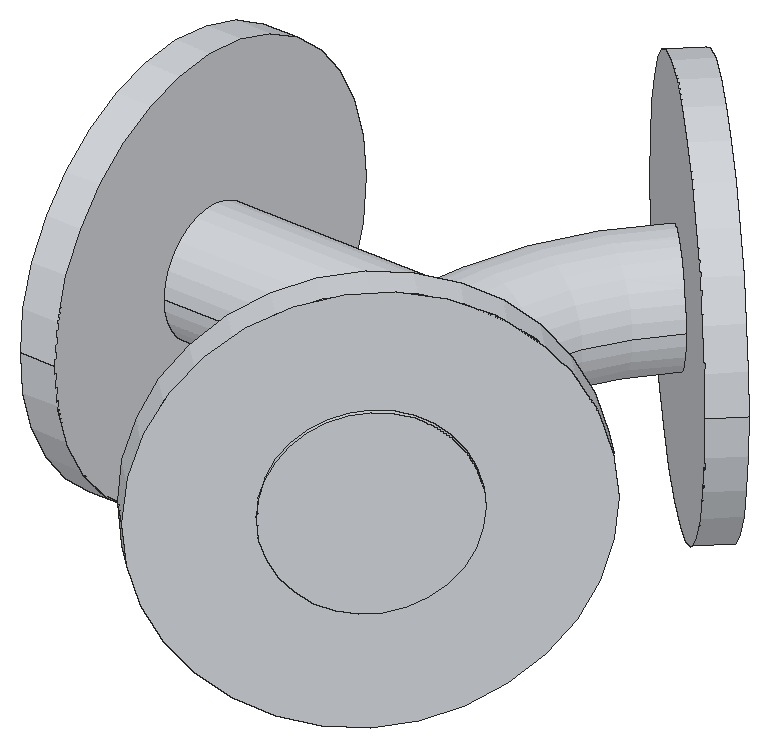
Revit family "M_Real Y - Flange - CS - Classe 150", category Conexões de tubo, Revit 2019
Family settings
  Cota do conector redondo = Usar raio
  Tipo de parte = Ipsílon
  Número OmniClass = 23.60.30.11.14
  Título OmniClass = Pipework Fittings
  ID de item do Seek = Wye True - Flanged - CS - Class 150-0000-CAN-ENU
  Com base no plano de trabalho = Não
  Sempre na vertical = Sim
  Corte com vazios quando carregada = Não
  Compartilhado = Não
Parameters (values of type "Padrão")
  Espessura da parede [instance] = size_lookup(Nome da tabela de pesquisa, "WThk", 0.02 * Diâmetro nominal + 4.465 mm, Diâmetro nominal)  # 4 mm
  Método de perda = Não definido
  Nome da tabela de pesquisa = "M_Wye True - Flanged - CS - Class 150"
  Comprimento C3 2 [instance] = Comprimento 6 + Raio 2 - Raio 2 * cos(Ângulo 4) + Espessura da flange e da face elevada * sin(Ângulo 4)  # 62.933 mm
  Comprimento C3 1 [instance] = Raio 2 * sin(Ângulo 4) + Espessura da flange e da face elevada * cos(Ângulo 4)  # 62.933 mm
  Comprimento C2 2 [instance] = Comprimento 6 + Raio 1 - Raio 1 * cos(Ângulo 3) + Espessura da flange e da face elevada * sin(Ângulo 3)  # 62.933 mm
  Comprimento C2 1 [instance] = Raio 1 * sin(Ângulo 3) + Espessura da flange e da face elevada * cos(Ângulo 3)  # 62.933 mm
  Comprimento 10 [instance] = Espessura da flange e da face elevada  # 11.188 mm
  Tamanho da marca de revisão [instance] = Diâmetro externo da flange * 0.4  # 44 mm
  Centro curto até a superfície de contato [instance] = size_lookup(Nome da tabela de pesquisa, "SCtCS", 0.31 * Diâmetro nominal + 44.252 mm, Diâmetro nominal)  # 44 mm
  Espessura da face elevada [instance] = 1.587 mm  # constant formula
  Raio da face elevada [instance] = Diâmetro da face elevada / 2  # 25.4 mm
  Diâmetro da face elevada [instance] = size_lookup(Nome da tabela de pesquisa, "RFD", 1.1 * Diâmetro nominal + 38.695 mm, Diâmetro nominal)  # 50.8 mm
  Raio 1 [instance] = if(Diâmetro externo da flange / 2 > Comprimento 3 * tan(Ângulo 1), Diâmetro externo da flange / 2 + 3.076 mm, Comprimento 3 * tan(Ângulo 1))  # 77.812 mm
  Raio 2 [instance] = if(Diâmetro externo da flange / 2 > sin(Ângulo 2) * Comprimento 6 / (1 - sin(Ângulo 2)), Diâmetro externo da flange / 2 + 3.076 mm, sin(Ângulo 2) * Comprimento 6 / (1 - sin(Ângulo 2)))  # 77.812 mm
  Comprimento 8 [instance] = Espessura da flange e da face elevada - Espessura da face elevada  # 9.6 mm
  Comprimento 7 [instance] = Comprimento 3 + Espessura da flange e da face elevada  # 89 mm
  Comprimento 6 [instance] = Comprimento 4 - Raio 1  # 32.231 mm
  Comprimento 4 [instance] = Raio 1 / sin(Ângulo 1)  # 110.043 mm
  Comprimento 5 [instance] = Raio 2 + Comprimento 6  # 110.043 mm
  Comprimento 3 [instance] = if(Comprimento 1 < Comprimento 2, Centro à superfície de contato - Espessura da flange e da face elevada, Comprimento 1 / sin(Ângulo 5))  # 77.813 mm
  Comprimento 2 [instance] = (Centro à superfície de contato - Espessura da flange e da face elevada) * sin(Ângulo 5)  # 55.022 mm
  Comprimento 1 [instance] = Raio externo da flange * cos(Ângulo 5)  # 38.891 mm
  Espessura do flange [instance] = size_lookup(Nome da tabela de pesquisa, "FThk", 0.06 * Diâmetro nominal + 12.502 mm, Diâmetro nominal)  # 9.6 mm
  Raio externo da conexão [instance] = Diâmetro externo da conexão / 2  # 16.5 mm
  Diâmetro externo da conexão [instance] = Diâmetro interno da conexão + Espessura da parede * 2  # 33 mm
  Centro à superfície de contato [instance] = size_lookup(Nome da tabela de pesquisa, "CtCS", 0.78 * Diâmetro nominal + 77.391 mm, Diâmetro nominal)  # 89 mm
  Raio nominal [instance] = 12.5 mm
  Diâmetro nominal [instance] = Raio nominal * 2  # 25 mm
  Espessura da flange e da face elevada [instance] = Espessura do flange + Espessura da face elevada  # 11.188 mm
  Raio externo da flange [instance] = Diâmetro externo da flange / 2  # 55 mm
  Diâmetro externo da flange [instance] = size_lookup(Nome da tabela de pesquisa, "FOD", 1.23 * Diâmetro nominal + 93.861 mm, Diâmetro nominal)  # 110 mm
  Diâmetro interno da conexão [instance] = size_lookup(Nome da tabela de pesquisa, "FID", 0.98 * Diâmetro nominal + 2.282 mm, Diâmetro nominal)  # 25 mm
  Ângulo 5 [instance] = if(Ângulo 1 < Ângulo 2, Ângulo 1, Ângulo 2)  # 45.00°
  Ângulo 3 [instance] = 90.00° - Ângulo 1  # 45.00°
  Ângulo 4 [instance] = 90.00° - Ângulo 2  # 45.00°
  Ângulo 1 [instance] = 45.00°
  Ângulo 2 [instance] = 45.00°
Reference planes
  plane 1 "Centro (Frente/Trás)": y = 0
  plane 2: z = 0
  plane 3 "Centro (Esquerda/Direita)": x = 0
  plane 4: x = -44
  plane 5: x = -32.812
  plane 6: x = 110.043
  plane 7: x = 32.231
  plane 8: x = 110.043
  plane 9: x = 32.231
  plane 10: y = 44
  plane 11: y = -44
  plane 12: x = -42.412
  plane 13: y = 62.933
  plane 14: x = 62.933
  plane 15: y = -62.933
  plane 16: x = 62.933
Forms (mm)
  Sweep 1, solid, detail levels fine
    path in 3D
      loop
        line (-32.812, 0, 0) -> (32.231, 0, 0)
    profile origin (-0.291, 0, 0) x (0, 1, 0) y (0, 0, 1)
      loop
        circle (0, 0) r 16.5
  Sweep 2, solid, detail levels fine
    path in 3D
      loop
        line (-42.412, 0, 0) -> (-32.812, 0, 0)
    profile origin (-37.612, 0, 0) x (0, 1, 0) y (0, 0, 1)
      loop
        circle (0, 0) r 55
  Sweep 3, solid, detail levels fine
    path in 3D
      loop
        arc (32.231, 0, 0) -> (38.154, 29.778, 0) -> (55.022, 55.022, 0) r 77.812
    profile origin (38.154, 29.778, 0) x (-0.92388, 0.382683, 0) y (0, 0, 1)
      loop
        circle (0, 0) r 16.5
  Sweep 4, solid, detail levels fine
    path in 3D
      loop
        arc (32.231, 0, 0) -> (38.154, -29.778, 0) -> (55.022, -55.022, 0) r 77.812
    profile origin (38.154, -29.778, 0) x (0.92388, 0.382683, 0) y (0, 0, 1)
      loop
        circle (0, 0) r 16.5
  Sweep 5, solid, detail levels fine
    path in 3D
      loop
        line (-44, 0, 0) -> (-42.412, 0, 0)
    profile origin (-43.206, 0, 0) x (0, 1, 0) y (0, 0, 1)
      loop
        circle (0, 0) r 25.4
  Sweep 6, solid, detail levels fine
    path in 3D
      loop
        line (62.933, 62.933, 0) -> (55.022, 55.022, 0)
    profile origin (58.977, 58.977, 0) x (0.707107, -0.707107, 0) y (0, 0, 1)
      loop
        circle (0, 0) r 55
  Sweep 7, void
    path in 3D
      loop
        line (62.933, 62.933, 0) -> (61.81, 61.81, 0)
    profile origin (62.371, 62.371, 0) x (0.707107, -0.707107, 0) y (0, 0, 1)
      loop
        circle (0, 0) r 55
      loop
        circle (0, 0) r 25.4
  Sweep 8, solid, detail levels fine
    path in 3D
      loop
        line (62.933, -62.933, 0) -> (55.022, -55.022, 0)
    profile origin (58.977, -58.977, 0) x (-0.707107, -0.707107, 0) y (0, 0, 1)
      loop
        circle (0, 0) r 55
  Sweep 9, void
    path in 3D
      loop
        line (62.933, -62.933, 0) -> (61.81, -61.81, 0)
    profile origin (62.371, -62.371, 0) x (-0.707107, -0.707107, 0) y (0, 0, 1)
      loop
        circle (0, 0) r 55
      loop
        circle (0, 0) r 25.4
Cuts and joins
  Sweep 7 cuts Sweep 3
  Sweep 9 cuts Sweep 4
  Sweep 7 cuts Sweep 6
  Sweep 9 cuts Sweep 8
  joined: Sweep 1, Sweep 2, Sweep 3, Sweep 4, Sweep 5, Sweep 6, Sweep 8
Lines and regions (mm)
  model lines, detail levels coarse+medium
    curve 1: line (-42.412, 0, 0) -> (-32.812, 0, 0)
    curve 2: line (-32.812, 0, 0) -> (0, 0, 0)
    curve 3: arc (32.231, 0, 0) -> (38.154, 29.778, 0) -> (55.022, 55.022, 0) r 77.812
    curve 4: arc (32.231, 0, 0) -> (38.154, -29.778, 0) -> (55.022, -55.022, 0) r 77.812
    curve 5: line (-32.812, 0, 0) -> (32.231, 0, 0)
    curve 6: line (-32.812, 0, 0) -> (32.231, 0, 0)
    curve 11: line (-44, 44, 0) -> (-44, -44, 0)
    curve 13: line (-44, 0, 0) -> (-42.412, 0, 0)
    curve 15: line (62.933, 62.933, 0) -> (55.022, 55.022, 0)
    curve 20: line (62.933, -62.933, 0) -> (55.022, -55.022, 0)
    curve 25: line (62.933, 62.933, 0) -> (94.045, 31.82, 0)
    curve 26: line (62.933, 62.933, 0) -> (31.82, 94.045, 0)
    curve 27: line (62.933, -62.933, 0) -> (94.045, -31.82, 0)
    curve 28: line (62.933, -62.933, 0) -> (31.82, -94.045, 0)
  sketch lines
    curve 7: line (-32.812, 0, 0) -> (32.231, 0, 0)
    curve 8: line (-42.412, 0, 0) -> (-32.812, 0, 0)
    curve 9: arc (32.231, 0, 0) -> (38.154, 29.778, 0) -> (55.022, 55.022, 0) r 77.812
    curve 10: arc (32.231, 0, 0) -> (38.154, -29.778, 0) -> (55.022, -55.022, 0) r 77.812
    curve 14: line (-44, 0, 0) -> (-42.412, 0, 0)
    curve 16: line (62.933, 62.933, 0) -> (55.022, 55.022, 0)
    curve 18: line (62.933, 62.933, 0) -> (61.81, 61.81, 0)
    curve 21: line (62.933, -62.933, 0) -> (55.022, -55.022, 0)
    curve 23: line (62.933, -62.933, 0) -> (61.81, -61.81, 0)
  reference lines
    curve 12: line (-44, 0, 0) -> (-32.812, 0, 0)
    curve 17: line (62.933, 62.933, 0) -> (61.81, 61.81, 0)
    curve 19: line (62.933, 62.933, 0) -> (55.022, 55.022, 0)
    curve 22: line (62.933, -62.933, 0) -> (61.81, -61.81, 0)
    curve 24: line (62.933, -62.933, 0) -> (55.022, -55.022, 0)
Dimensions and locks
  "Espessura da flange e da face elevada": plane 4 to plane 5
  "Centro curto até a superfície de contato": plane 4 to plane 3 "Centro (Esquerda/Direita)"
  "Comprimento 5": plane 3 "Centro (Esquerda/Direita)" to plane 6
  "Raio 2": plane 7 to plane 6
  "Comprimento 4": plane 3 "Centro (Esquerda/Direita)" to plane 8
  "Raio 1": plane 9 to plane 8
  "Tamanho da marca de revisão": plane 10 to plane 1 "Centro (Frente/Trás)"
  "Tamanho da marca de revisão": plane 11 to plane 1 "Centro (Frente/Trás)"
  "Espessura da face elevada": plane 4 to plane 12
  "Comprimento C3 1": plane 13 to plane 1 "Centro (Frente/Trás)"
  "Comprimento C3 2": plane 3 "Centro (Esquerda/Direita)" to plane 14
  "Espessura da flange e da face elevada": curve 15 to curve 15
  "Espessura da face elevada": curve 17 to curve 17
  "Comprimento 10": curve 19 to curve 19
  "Comprimento C2 1": plane 1 "Centro (Frente/Trás)" to plane 15
  "Comprimento C2 2": plane 3 "Centro (Esquerda/Direita)" to plane 16
  "Espessura da flange e da face elevada": curve 20 to curve 20
  "Espessura da face elevada": curve 22 to curve 22
  "Comprimento 10": curve 24 to curve 24
  "Tamanho da marca de revisão": curve 25 to curve 25
  "Tamanho da marca de revisão": curve 26 to curve 26
  "Tamanho da marca de revisão": curve 28 to curve 28
  "Tamanho da marca de revisão": curve 27 to curve 27
  "Raio 2": radius of curve 3
  "Raio 1": radius of curve 4
  "Raio externo da conexão": radius of Sweep 1 sketch curve
  "Raio externo da flange": radius of Sweep 2 sketch curve
  "Raio externo da conexão": radius of Sweep 3 sketch curve
  "Raio externo da conexão": radius of Sweep 4 sketch curve
  "Raio da face elevada": radius of Sweep 5 sketch curve
  "Raio externo da flange": radius of Sweep 6 sketch curve
  "Raio externo da flange": radius of Sweep 7 sketch curve
  "Raio da face elevada": radius of Sweep 7 sketch curve
  "Raio externo da flange": radius of Sweep 8 sketch curve
  "Raio externo da flange": radius of Sweep 9 sketch curve
  "Raio da face elevada": radius of Sweep 9 sketch curve
  "Ângulo 4": angle curve 3 to curve 3
  "Ângulo 3": angle curve 4 to curve 4
  "Ângulo 4": angle curve 15 to plane 14
  "Ângulo 4": angle curve 17 to plane 14
  "Ângulo 4": angle curve 19 to plane 14
  "Ângulo 3": angle plane 16 to curve 20
  "Ângulo 3": angle plane 16 to curve 22
  "Ângulo 3": angle plane 16 to curve 24
  locked: curve 15 to curve 25 (angle 90.00°)
  locked: curve 26 to curve 15 (angle 90.00°)
  locked: curve 27 to curve 20 (angle 90.00°)
  locked: curve 20 to curve 28 (angle 90.00°)
  aligned and locked: plane 1 "Centro (Frente/Trás)" to curve 1
  aligned and locked: plane 1 "Centro (Frente/Trás)" to curve 3
  aligned and locked: plane 1 "Centro (Frente/Trás)" to curve 4
  aligned and locked: plane 5 to curve 5
  aligned and locked: plane 1 "Centro (Frente/Trás)" to curve 5
  aligned and locked: plane 10 to curve 11
  aligned and locked: plane 11 to curve 11
  aligned and locked: curve 11 to plane 4
  aligned and locked: plane 4 to curve 12
  aligned and locked: plane 1 "Centro (Frente/Trás)" to curve 12
  aligned and locked: plane 12 to curve 1
  aligned and locked: plane 4 to curve 13
  aligned and locked: plane 1 "Centro (Frente/Trás)" to curve 13
  aligned and locked: plane 13 to curve 17
  aligned and locked: plane 14 to curve 17
  aligned and locked: plane 15 to curve 20
  aligned and locked: plane 16 to curve 20
  aligned and locked: plane 15 to curve 22
  aligned and locked: plane 16 to curve 22
Automatic sketch dimensions
  Sweep 1 sketch curve to profile plane = 0 mm  (x2)
  Sweep 2 sketch curve to profile plane = 0 mm  (x2)
  Sweep 3 sketch curve to profile plane = 0 mm  (x2)
  Sweep 4 sketch curve to profile plane = 0 mm  (x2)
  Sweep 5 sketch curve to profile plane = 0 mm  (x2)
  Sweep 6 sketch curve to profile plane = 0 mm  (x2)
  Sweep 7 sketch curve to Sweep 7 sketch curve = 0 mm  (x2)
  Sweep 7 sketch curve to profile plane = 0 mm  (x2)
  Sweep 8 sketch curve to profile plane = 0 mm  (x2)
  Sweep 9 sketch curve to Sweep 9 sketch curve = 0 mm  (x2)
  Sweep 9 sketch curve to profile plane = 0 mm  (x2)
  curve 2 to plane 3 "Centro (Esquerda/Direita)" = 0 mm
  curve 12 to plane 5 = 0 mm
Connectors
  piping at (-44, 0, 0), diameter 25, driven by "Raio nominal"
    settings: on Sweep 5, index 1, connector inside diameter 25 mm, connector length 0 mm, flow factor 0, pipe flow 0.0 L/s, pressure drop 0.0 Pa, fitting loss kfactor 0, connector angle 0.00°, fixture units 0, engagement length 0 mm, angle of deflection 0.00°, flow configuration 0, flow direction 0, fitting loss method 0, system type 28, joint type 0, gender type 0, connector reference index -1, connector utility 0, adjustable connector no, is connector primary yes, connector description ""
  piping at (62.933, -62.933, 0), diameter 25, driven by "Raio nominal", driven by "Ângulo 1"
    settings: on cut or joined group of Sweep 1, Sweep 2, Sweep 3, Sweep 4, Sweep 5, Sweep 6, Sweep 7, Sweep 8, Sweep 9, index 2, connector inside diameter 25 mm, connector length 0 mm, flow factor 0, pipe flow 0.0 L/s, pressure drop 0.0 Pa, fitting loss kfactor 0, connector angle 45.00°, fixture units 0, engagement length 0 mm, angle of deflection 0.00°, flow configuration 0, flow direction 0, fitting loss method 0, system type 28, joint type 0, gender type 0, connector reference index -1, connector utility 0, adjustable connector no, is connector primary no, connector description ""
  piping at (62.933, 62.933, 0), diameter 25, driven by "Raio nominal", driven by "Ângulo 2"
    settings: on cut or joined group of Sweep 1, Sweep 2, Sweep 3, Sweep 4, Sweep 5, Sweep 6, Sweep 7, Sweep 8, Sweep 9, index 3, connector inside diameter 25 mm, connector length 0 mm, flow factor 0, pipe flow 0.0 L/s, pressure drop 0.0 Pa, fitting loss kfactor 0, connector angle 45.00°, fixture units 0, engagement length 0 mm, angle of deflection 0.00°, flow configuration 0, flow direction 0, fitting loss method 0, system type 28, joint type 0, gender type 0, connector reference index -1, connector utility 0, adjustable connector no, is connector primary no, connector description ""
